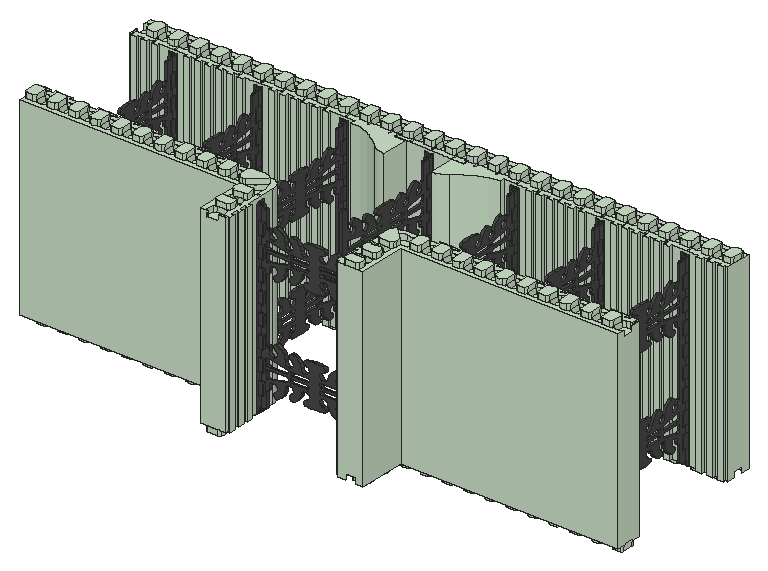
Revit family "ICF- NUDURA 10-inch- Short T Form Unit- Imperial", category Generic Models, Revit 2010 (continued)
Definition of nested family "Interlock Tooth"
  Reference planes (in)
    plane 4: z = 18
    plane 5: z = 18.5
    plane 6: z = -0.5
  Forms (in)
    Extrusion 1, solid, material "NUDURA Expanded Polystyrene Foam Insulation"
      sketch origin (0, -8.875, 0) x (1, 0, 0) y (0, 1, 0)
        loop
          arc (0, 3.97692) -> (0.04785, 3.82983) -> (0.17308, 3.73905) r 0.25
          arc (0.17308, 3.73905) -> (0.5, 3.6875) -> (0.82692, 3.73905) r 1.0625
          arc (0.82692, 3.73905) -> (0.95215, 3.82983) -> (1, 3.97692) r 0.25
          line (1, 3.97692) -> (1, 4.89808)
          arc (1, 4.89808) -> (0.95215, 5.04517) -> (0.82692, 5.13595) r 0.25
          arc (0.82692, 5.13595) -> (0.5, 5.1875) -> (0.17308, 5.13595) r 1.0625
          arc (0.17308, 5.13595) -> (0.04785, 5.04517) -> (0, 4.89808) r 0.25
          line (0, 4.89808) -> (0, 3.97692)
      from 18 to 18.5
  Dimensions and locks (in)
    locked: plane 4 to level at 18
    locked: plane 4 to plane 5 at 0.5
    locked: plane 6 to level at 0.5
Definition of nested family "10-inch Insert Web"
  Reference planes (in)
    plane 1 "Center (Front/Back)": y = 0
    plane 2: z = 0
    plane 3 "Center (Left/Right)": x = 0
  Forms (in)
    Extrusion 1, solid, material "High Density Polystyrene"
      sketch origin (0, 0, 0) x (0, 1, 0) y (0, 0, 1)
        loop
          line (5.25, 0) -> (5.25, 17.74583)
          arc (5.25, 17.74583) -> (5.22112, 17.72608) -> (5.21, 17.69292) r 0.055
          line (5.21, 17.69292) -> (5.21, 0.05292)
          arc (5.21, 0.05292) -> (5.22112, 0.01975) -> (5.25, 0) r 0.055
        loop
          arc (-5.25, 0) -> (-5.22112, 0.01975) -> (-5.21, 0.05292) r 0.055
          line (-5.21, 0.05292) -> (-5.21, 17.69292)
          arc (-5.21, 17.69292) -> (-5.22112, 17.72608) -> (-5.25, 17.74583) r 0.055
          line (-5.25, 17.74583) -> (-5.25, 0)
      from 0.36328 to -0.36328
    Extrusion 2, solid, material "High Density Polystyrene"
      sketch origin (0, 0, 0) x (0, 1, 0) y (0, 0, 1)
        loop
          line (-5.12543, 17.57204) -> (-5.19457, 17.61045)
          arc (-5.19457, 17.61045) -> (-5.20585, 17.62147) -> (-5.21, 17.63668) r 0.03
          line (-5.21, 17.63668) -> (-5.21, 17.38789)
          arc (-5.21, 17.38789) -> (-5.20374, 17.40241) -> (-5.18889, 17.40785) r 0.02
          line (-5.18889, 17.40785) -> (-5.13111, 17.40464)
          arc (-5.13111, 17.40464) -> (-5.11625, 17.41008) -> (-5.11, 17.42461) r 0.02
          line (-5.11, 17.42461) -> (-5.11, 17.54582)
          arc (-5.11, 17.54582) -> (-5.11414, 17.56103) -> (-5.12543, 17.57204) r 0.03
        loop
          line (-4.5, 17.20772) -> (-4.6, 17.20772) -> (-4.6, 17.2388)
          arc (-4.6, 17.2388) -> (-4.61433, 17.27339) -> (-4.64893, 17.28772) r 0.04893
          line (-4.64893, 17.28772) -> (-4.77609, 17.28772) -> (-4.825, 17.43772)
          arc (-4.825, 17.43772) -> (-4.875, 17.46772) -> (-4.925, 17.43772) r 0.05667
          line (-4.925, 17.43772) -> (-5, 17.20772) -> (-5, 0.53811) -> (-4.925, 0.30811)
          arc (-4.925, 0.30811) -> (-4.875, 0.27811) -> (-4.825, 0.30811) r 0.05667
          line (-4.825, 0.30811) -> (-4.77609, 0.45811) -> (-4.64893, 0.45811)
          arc (-4.64893, 0.45811) -> (-4.61433, 0.47244) -> (-4.6, 0.50703) r 0.04893
          line (-4.6, 0.50703) -> (-4.6, 0.53811) -> (-4.5, 0.53811) -> (-4.5, 1.99805)
          arc (-4.5, 1.99805) -> (-4.46384, 2.08535) -> (-4.37654, 2.12151) r 0.12346
          arc (-4.37654, 2.12151) -> (-4.22754, 2.23265) -> (-4.21225, 2.41791) r 0.22602
          arc (-4.21225, 2.41791) -> (-3.72909, 2.89529) -> (-3.67178, 2.21849) r 0.375
          arc (-3.67178, 2.21849) -> (-3.82054, 1.85615) -> (-3.45819, 1.70739) r 0.27697
          arc (-3.45819, 1.70739) -> (-2.94561, 2.10506) -> (-2.74922, 2.72338) r 1.09159
          line (-2.74922, 2.72338) -> (-2.74973, 2.88837)
          arc (-2.74973, 2.88837) -> (-2.17617, 3.17809) -> (-2.18865, 2.53563) r 0.375
          arc (-2.18865, 2.53563) -> (-2.3374, 2.17328) -> (-1.97506, 2.02453) r 0.27697
          arc (-1.97506, 2.02453) -> (-1.47568, 2.34989) -> (-1.23882, 2.89683) r 1.0341
          arc (-1.23882, 2.89683) -> (-0.66526, 3.18654) -> (-0.67773, 2.54409) r 0.375
          arc (-0.67773, 2.54409) -> (-0.76612, 2.51631) -> (-0.85703, 2.49851) r 0.83414
          arc (-0.85703, 2.49851) -> (-1.02215, 2.26789) -> (-0.82272, 2.06619) r 0.22
          arc (-0.82272, 2.06619) -> (-0.41308, 2.01232) -> (0, 2.0035) r 3.77741
          arc (0, 2.0035) -> (0.41308, 2.01232) -> (0.82272, 2.06619) r 3.77741
          arc (0.82272, 2.06619) -> (1.02215, 2.26789) -> (0.85703, 2.49851) r 0.22
          arc (0.85703, 2.49851) -> (0.76612, 2.51631) -> (0.67773, 2.54409) r 0.83414
          arc (0.67773, 2.54409) -> (0.66526, 3.18654) -> (1.23882, 2.89683) r 0.375
          arc (1.23882, 2.89683) -> (1.47568, 2.34989) -> (1.97506, 2.02453) r 1.0341
          arc (1.97506, 2.02453) -> (2.3374, 2.17328) -> (2.18865, 2.53563) r 0.27697
          arc (2.18865, 2.53563) -> (2.17617, 3.17809) -> (2.74973, 2.88837) r 0.375
          line (2.74973, 2.88837) -> (2.74922, 2.72338)
          arc (2.74922, 2.72338) -> (2.94561, 2.10506) -> (3.45819, 1.70739) r 1.09159
          arc (3.45819, 1.70739) -> (3.82054, 1.85615) -> (3.67178, 2.21849) r 0.27697
          arc (3.67178, 2.21849) -> (3.72909, 2.89529) -> (4.21225, 2.41791) r 0.375
          arc (4.21225, 2.41791) -> (4.22754, 2.23265) -> (4.37654, 2.12151) r 0.22602
          arc (4.37654, 2.12151) -> (4.46384, 2.08535) -> (4.5, 1.99805) r 0.12346
          line (4.5, 1.99805) -> (4.5, 0.53811) -> (4.6, 0.53811) -> (4.6, 0.50703)
          arc (4.6, 0.50703) -> (4.61433, 0.47244) -> (4.64893, 0.45811) r 0.04893
          line (4.64893, 0.45811) -> (4.77609, 0.45811) -> (4.825, 0.30811)
          arc (4.825, 0.30811) -> (4.875, 0.27811) -> (4.925, 0.30811) r 0.05667
          line (4.925, 0.30811) -> (5, 0.53811) -> (5, 17.20772) -> (4.925, 17.43772)
          arc (4.925, 17.43772) -> (4.875, 17.46772) -> (4.825, 17.43772) r 0.05667
          line (4.825, 17.43772) -> (4.77609, 17.28772) -> (4.64893, 17.28772)
          arc (4.64893, 17.28772) -> (4.61433, 17.27339) -> (4.6, 17.2388) r 0.04893
          line (4.6, 17.2388) -> (4.6, 17.20772) -> (4.5, 17.20772) -> (4.5, 15.74778)
          arc (4.5, 15.74778) -> (4.46384, 15.66048) -> (4.37654, 15.62433) r 0.12346
          arc (4.37654, 15.62433) -> (4.22754, 15.51319) -> (4.21225, 15.32793) r 0.22602
          arc (4.21225, 15.32793) -> (3.72909, 14.85054) -> (3.67178, 15.52734) r 0.375
          arc (3.67178, 15.52734) -> (3.82054, 15.88969) -> (3.45819, 16.03844) r 0.27697
          arc (3.45819, 16.03844) -> (2.94561, 15.64077) -> (2.74922, 15.02245) r 1.09159
          line (2.74922, 15.02245) -> (2.74973, 14.85746)
          arc (2.74973, 14.85746) -> (2.17617, 14.56774) -> (2.18865, 15.2102) r 0.375
          arc (2.18865, 15.2102) -> (2.3374, 15.57255) -> (1.97506, 15.7213) r 0.27697
          arc (1.97506, 15.7213) -> (1.47568, 15.39594) -> (1.23882, 14.84901) r 1.0341
          arc (1.23882, 14.84901) -> (0.66526, 14.55929) -> (0.67773, 15.20175) r 0.375
          arc (0.67773, 15.20175) -> (0.76612, 15.22952) -> (0.85703, 15.24732) r 0.83414
          arc (0.85703, 15.24732) -> (1.02215, 15.47795) -> (0.82272, 15.67964) r 0.22
          arc (0.82272, 15.67964) -> (0.41308, 15.73351) -> (0, 15.74233) r 3.77741
          arc (0, 15.74233) -> (-0.41308, 15.73351) -> (-0.82272, 15.67964) r 3.77741
          arc (-0.82272, 15.67964) -> (-1.02215, 15.47795) -> (-0.85703, 15.24732) r 0.22
          arc (-0.85703, 15.24732) -> (-0.76612, 15.22952) -> (-0.67773, 15.20175) r 0.83414
          arc (-0.67773, 15.20175) -> (-0.66526, 14.55929) -> (-1.23882, 14.84901) r 0.375
          arc (-1.23882, 14.84901) -> (-1.47568, 15.39594) -> (-1.97506, 15.7213) r 1.0341
          arc (-1.97506, 15.7213) -> (-2.3374, 15.57255) -> (-2.18865, 15.2102) r 0.27697
          arc (-2.18865, 15.2102) -> (-2.17617, 14.56774) -> (-2.74973, 14.85746) r 0.375
          line (-2.74973, 14.85746) -> (-2.74922, 15.02245)
          arc (-2.74922, 15.02245) -> (-2.94561, 15.64077) -> (-3.45819, 16.03844) r 1.09159
          arc (-3.45819, 16.03844) -> (-3.82054, 15.88969) -> (-3.67178, 15.52734) r 0.27697
          arc (-3.67178, 15.52734) -> (-3.72909, 14.85054) -> (-4.21225, 15.32793) r 0.375
          arc (-4.21225, 15.32793) -> (-4.22754, 15.51319) -> (-4.37654, 15.62433) r 0.22602
          arc (-4.37654, 15.62433) -> (-4.46384, 15.66048) -> (-4.5, 15.74778) r 0.12346
          line (-4.5, 15.74778) -> (-4.5, 17.20772)
        loop
          line (-4.5, 11.8098) -> (-4.5, 5.93603)
          arc (-4.5, 5.93603) -> (-4.46384, 5.84874) -> (-4.37654, 5.81258) r 0.12346
          arc (-4.37654, 5.81258) -> (-4.22754, 5.70144) -> (-4.21225, 5.51618) r 0.22602
          arc (-4.21225, 5.51618) -> (-3.72909, 5.0388) -> (-3.67178, 5.71559) r 0.375
          arc (-3.67178, 5.71559) -> (-3.82054, 6.07794) -> (-3.45819, 6.2267) r 0.27697
          arc (-3.45819, 6.2267) -> (-2.94561, 5.82902) -> (-2.74922, 5.2107) r 1.09159
          line (-2.74922, 5.2107) -> (-2.74973, 5.04572)
          arc (-2.74973, 5.04572) -> (-2.17617, 4.756) -> (-2.18865, 5.39846) r 0.375
          arc (-2.18865, 5.39846) -> (-2.3374, 5.7608) -> (-1.97506, 5.90956) r 0.27697
          arc (-1.97506, 5.90956) -> (-1.47568, 5.58419) -> (-1.23882, 5.03726) r 1.0341
          arc (-1.23882, 5.03726) -> (-0.66526, 4.74754) -> (-0.67773, 5.39) r 0.375
          arc (-0.67773, 5.39) -> (-0.76612, 5.41777) -> (-0.85703, 5.43557) r 0.83414
          arc (-0.85703, 5.43557) -> (-1.02215, 5.6662) -> (-0.82272, 5.86789) r 0.22
          arc (-0.82272, 5.86789) -> (-0.41308, 5.92177) -> (0, 5.93058) r 3.77741
          arc (0, 5.93058) -> (0.41308, 5.92177) -> (0.82272, 5.86789) r 3.77741
          arc (0.82272, 5.86789) -> (1.02215, 5.6662) -> (0.85703, 5.43557) r 0.22
          arc (0.85703, 5.43557) -> (0.76612, 5.41777) -> (0.67773, 5.39) r 0.83414
          arc (0.67773, 5.39) -> (0.66526, 4.74754) -> (1.23882, 5.03726) r 0.375
          arc (1.23882, 5.03726) -> (1.47568, 5.58419) -> (1.97506, 5.90956) r 1.0341
          arc (1.97506, 5.90956) -> (2.3374, 5.7608) -> (2.18865, 5.39846) r 0.27697
          arc (2.18865, 5.39846) -> (2.17617, 4.756) -> (2.74973, 5.04572) r 0.375
          line (2.74973, 5.04572) -> (2.74922, 5.2107)
          arc (2.74922, 5.2107) -> (2.94561, 5.82902) -> (3.45819, 6.2267) r 1.09159
          arc (3.45819, 6.2267) -> (3.82054, 6.07794) -> (3.67178, 5.71559) r 0.27697
          arc (3.67178, 5.71559) -> (3.72909, 5.0388) -> (4.21225, 5.51618) r 0.375
          arc (4.21225, 5.51618) -> (4.22754, 5.70144) -> (4.37654, 5.81258) r 0.22602
          arc (4.37654, 5.81258) -> (4.46384, 5.84874) -> (4.5, 5.93603) r 0.12346
          line (4.5, 5.93603) -> (4.5, 11.8098)
          arc (4.5, 11.8098) -> (4.46384, 11.89709) -> (4.37654, 11.93325) r 0.12346
          arc (4.37654, 11.93325) -> (4.22754, 12.04439) -> (4.21225, 12.22965) r 0.22602
          arc (4.21225, 12.22965) -> (3.72909, 12.70704) -> (3.67178, 12.03024) r 0.375
          arc (3.67178, 12.03024) -> (3.82054, 11.66789) -> (3.45819, 11.51914) r 0.27697
          arc (3.45819, 11.51914) -> (2.94561, 11.91681) -> (2.74922, 12.53513) r 1.09159
          line (2.74922, 12.53513) -> (2.74973, 12.70012)
          arc (2.74973, 12.70012) -> (2.17617, 12.98983) -> (2.18865, 12.34738) r 0.375
          arc (2.18865, 12.34738) -> (2.3374, 11.98503) -> (1.97506, 11.83627) r 0.27697
          arc (1.97506, 11.83627) -> (1.47568, 12.16164) -> (1.23882, 12.70857) r 1.0341
          arc (1.23882, 12.70857) -> (0.66526, 12.99829) -> (0.67773, 12.35583) r 0.375
          arc (0.67773, 12.35583) -> (0.76612, 12.32806) -> (0.85703, 12.31026) r 0.83414
          arc (0.85703, 12.31026) -> (1.02215, 12.07963) -> (0.82272, 11.87794) r 0.22
          arc (0.82272, 11.87794) -> (0.41308, 11.82406) -> (0, 11.81525) r 3.77741
          arc (0, 11.81525) -> (-0.41308, 11.82406) -> (-0.82272, 11.87794) r 3.77741
          arc (-0.82272, 11.87794) -> (-1.02215, 12.07963) -> (-0.85703, 12.31026) r 0.22
          arc (-0.85703, 12.31026) -> (-0.76612, 12.32806) -> (-0.67773, 12.35583) r 0.83414
          arc (-0.67773, 12.35583) -> (-0.66526, 12.99829) -> (-1.23882, 12.70857) r 0.375
          arc (-1.23882, 12.70857) -> (-1.47568, 12.16164) -> (-1.97506, 11.83627) r 1.0341
          arc (-1.97506, 11.83627) -> (-2.3374, 11.98503) -> (-2.18865, 12.34738) r 0.27697
          arc (-2.18865, 12.34738) -> (-2.17617, 12.98983) -> (-2.74973, 12.70012) r 0.375
          line (-2.74973, 12.70012) -> (-2.74922, 12.53513)
          arc (-2.74922, 12.53513) -> (-2.94561, 11.91681) -> (-3.45819, 11.51914) r 1.09159
          arc (-3.45819, 11.51914) -> (-3.82054, 11.66789) -> (-3.67178, 12.03024) r 0.27697
          arc (-3.67178, 12.03024) -> (-3.72909, 12.70704) -> (-4.21225, 12.22965) r 0.375
          arc (-4.21225, 12.22965) -> (-4.22754, 12.04439) -> (-4.37654, 11.93325) r 0.22602
          arc (-4.37654, 11.93325) -> (-4.46384, 11.89709) -> (-4.5, 11.8098) r 0.12346
        loop
          arc (-4.33112, 14.73097) -> (-4.45054, 14.68151) -> (-4.5, 14.56209) r 0.16888
          line (-4.5, 14.56209) -> (-4.5, 14.04372)
          arc (-4.5, 14.04372) -> (-4.44996, 13.92293) -> (-4.32917, 13.87289) r 0.17083
          line (-4.32917, 13.87289) -> (-2.57764, 13.87289)
          arc (-2.57764, 13.87289) -> (-2.48926, 13.9095) -> (-2.45264, 13.99789) r 0.125
          line (-2.45264, 13.99789) -> (-2.45264, 14.21018)
          arc (-2.45264, 14.21018) -> (-2.48008, 14.28832) -> (-2.55033, 14.33216) r 0.125
          line (-2.55033, 14.33216) -> (-4.33112, 14.73097)
        loop
          line (-2.26514, 14.18276) -> (-2.26514, 13.99876)
          arc (-2.26514, 13.99876) -> (-2.22853, 13.91037) -> (-2.14014, 13.87376) r 0.125
          line (-2.14014, 13.87376) -> (-0.70065, 13.87376)
          arc (-0.70065, 13.87376) -> (-0.48365, 14.09076) -> (-0.70065, 14.30776) r 0.217
          line (-0.70065, 14.30776) -> (-2.14014, 14.30776)
          arc (-2.14014, 14.30776) -> (-2.22853, 14.27115) -> (-2.26514, 14.18276) r 0.125
        loop
          line (-4.33112, 12.82661) -> (-2.55033, 13.22542)
          arc (-2.55033, 13.22542) -> (-2.48008, 13.26926) -> (-2.45264, 13.3474) r 0.125
          line (-2.45264, 13.3474) -> (-2.45264, 13.55969)
          arc (-2.45264, 13.55969) -> (-2.48926, 13.64807) -> (-2.57764, 13.68469) r 0.125
          line (-2.57764, 13.68469) -> (-4.32917, 13.68469)
          arc (-4.32917, 13.68469) -> (-4.44996, 13.63465) -> (-4.5, 13.51386) r 0.17083
          line (-4.5, 13.51386) -> (-4.5, 12.99549)
          arc (-4.5, 12.99549) -> (-4.45054, 12.87607) -> (-4.33112, 12.82661) r 0.16888
        loop
          arc (-2.26514, 13.37482) -> (-2.22853, 13.28643) -> (-2.14014, 13.24982) r 0.125
          line (-2.14014, 13.24982) -> (-0.70065, 13.24982)
          arc (-0.70065, 13.24982) -> (-0.48365, 13.46682) -> (-0.70065, 13.68382) r 0.217
          line (-0.70065, 13.68382) -> (-2.14014, 13.68382)
          arc (-2.14014, 13.68382) -> (-2.22853, 13.64721) -> (-2.26514, 13.55882) r 0.125
          line (-2.26514, 13.55882) -> (-2.26514, 13.37482)
        loop
          arc (5.12543, 17.57204) -> (5.11414, 17.56103) -> (5.11, 17.54582) r 0.03
          line (5.11, 17.54582) -> (5.11, 17.42461)
          arc (5.11, 17.42461) -> (5.11625, 17.41008) -> (5.13111, 17.40464) r 0.02
          line (5.13111, 17.40464) -> (5.18889, 17.40785)
          arc (5.18889, 17.40785) -> (5.20374, 17.40241) -> (5.21, 17.38789) r 0.02
          line (5.21, 17.38789) -> (5.21, 17.63668)
          arc (5.21, 17.63668) -> (5.20585, 17.62147) -> (5.19457, 17.61045) r 0.03
          line (5.19457, 17.61045) -> (5.12543, 17.57204)
        loop
          line (4.33112, 14.73097) -> (2.55033, 14.33216)
          arc (2.55033, 14.33216) -> (2.48008, 14.28832) -> (2.45264, 14.21018) r 0.125
          line (2.45264, 14.21018) -> (2.45264, 13.99789)
          arc (2.45264, 13.99789) -> (2.48926, 13.9095) -> (2.57764, 13.87289) r 0.125
          line (2.57764, 13.87289) -> (4.32917, 13.87289)
          arc (4.32917, 13.87289) -> (4.44996, 13.92293) -> (4.5, 14.04372) r 0.17083
          line (4.5, 14.04372) -> (4.5, 14.56209)
          arc (4.5, 14.56209) -> (4.45054, 14.68151) -> (4.33112, 14.73097) r 0.16888
        loop
          arc (2.26514, 14.18276) -> (2.22853, 14.27115) -> (2.14014, 14.30776) r 0.125
          line (2.14014, 14.30776) -> (0.70065, 14.30776)
          arc (0.70065, 14.30776) -> (0.48365, 14.09076) -> (0.70065, 13.87376) r 0.217
          line (0.70065, 13.87376) -> (2.14014, 13.87376)
          arc (2.14014, 13.87376) -> (2.22853, 13.91037) -> (2.26514, 13.99876) r 0.125
          line (2.26514, 13.99876) -> (2.26514, 14.18276)
        loop
          arc (4.33112, 12.82661) -> (4.45054, 12.87607) -> (4.5, 12.99549) r 0.16888
          line (4.5, 12.99549) -> (4.5, 13.51386)
          arc (4.5, 13.51386) -> (4.44996, 13.63465) -> (4.32917, 13.68469) r 0.17083
          line (4.32917, 13.68469) -> (2.57764, 13.68469)
          arc (2.57764, 13.68469) -> (2.48926, 13.64807) -> (2.45264, 13.55969) r 0.125
          line (2.45264, 13.55969) -> (2.45264, 13.3474)
          arc (2.45264, 13.3474) -> (2.48008, 13.26926) -> (2.55033, 13.22542) r 0.125
          line (2.55033, 13.22542) -> (4.33112, 12.82661)
        loop
          line (2.26514, 13.37482) -> (2.26514, 13.55882)
          arc (2.26514, 13.55882) -> (2.22853, 13.64721) -> (2.14014, 13.68382) r 0.125
          line (2.14014, 13.68382) -> (0.70065, 13.68382)
          arc (0.70065, 13.68382) -> (0.48365, 13.46682) -> (0.70065, 13.24982) r 0.217
          line (0.70065, 13.24982) -> (2.14014, 13.24982)
          arc (2.14014, 13.24982) -> (2.22853, 13.28643) -> (2.26514, 13.37482) r 0.125
        loop
          arc (-5.12543, 0.17379) -> (-5.11414, 0.1848) -> (-5.11, 0.20001) r 0.03
          line (-5.11, 0.20001) -> (-5.11, 0.32122)
          arc (-5.11, 0.32122) -> (-5.11625, 0.33575) -> (-5.13111, 0.34119) r 0.02
          line (-5.13111, 0.34119) -> (-5.18889, 0.33798)
          arc (-5.18889, 0.33798) -> (-5.20374, 0.34342) -> (-5.21, 0.35795) r 0.02
          line (-5.21, 0.35795) -> (-5.21, 0.10915)
          arc (-5.21, 0.10915) -> (-5.20585, 0.12437) -> (-5.19457, 0.13538) r 0.03
          line (-5.19457, 0.13538) -> (-5.12543, 0.17379)
        loop
          line (-4.33112, 3.01486) -> (-2.55033, 3.41367)
          arc (-2.55033, 3.41367) -> (-2.48008, 3.45752) -> (-2.45264, 3.53565) r 0.125
          line (-2.45264, 3.53565) -> (-2.45264, 3.74794)
          arc (-2.45264, 3.74794) -> (-2.48926, 3.83633) -> (-2.57764, 3.87294) r 0.125
          line (-2.57764, 3.87294) -> (-4.32917, 3.87294)
          arc (-4.32917, 3.87294) -> (-4.44996, 3.8229) -> (-4.5, 3.70211) r 0.17083
          line (-4.5, 3.70211) -> (-4.5, 3.18374)
          arc (-4.5, 3.18374) -> (-4.45054, 3.06432) -> (-4.33112, 3.01486) r 0.16888
        loop
          arc (-2.26514, 3.56307) -> (-2.22853, 3.47469) -> (-2.14014, 3.43807) r 0.125
          line (-2.14014, 3.43807) -> (-0.70065, 3.43807)
          arc (-0.70065, 3.43807) -> (-0.48365, 3.65507) -> (-0.70065, 3.87207) r 0.217
          line (-0.70065, 3.87207) -> (-2.14014, 3.87207)
          arc (-2.14014, 3.87207) -> (-2.22853, 3.83546) -> (-2.26514, 3.74707) r 0.125
          line (-2.26514, 3.74707) -> (-2.26514, 3.56307)
        loop
          arc (-4.33112, 4.91923) -> (-4.45054, 4.86976) -> (-4.5, 4.75034) r 0.16888
          line (-4.5, 4.75034) -> (-4.5, 4.23198)
          arc (-4.5, 4.23198) -> (-4.44996, 4.11118) -> (-4.32917, 4.06115) r 0.17083
          line (-4.32917, 4.06115) -> (-2.57764, 4.06115)
          arc (-2.57764, 4.06115) -> (-2.48926, 4.09776) -> (-2.45264, 4.18615) r 0.125
          line (-2.45264, 4.18615) -> (-2.45264, 4.39843)
          arc (-2.45264, 4.39843) -> (-2.48008, 4.47657) -> (-2.55033, 4.52041) r 0.125
          line (-2.55033, 4.52041) -> (-4.33112, 4.91923)
        loop
          line (-2.26514, 4.37101) -> (-2.26514, 4.18701)
          arc (-2.26514, 4.18701) -> (-2.22853, 4.09863) -> (-2.14014, 4.06201) r 0.125
          line (-2.14014, 4.06201) -> (-0.70065, 4.06201)
          arc (-0.70065, 4.06201) -> (-0.48365, 4.27901) -> (-0.70065, 4.49601) r 0.217
          line (-0.70065, 4.49601) -> (-2.14014, 4.49601)
          arc (-2.14014, 4.49601) -> (-2.22853, 4.4594) -> (-2.26514, 4.37101) r 0.125
        loop
          line (5.12543, 0.17379) -> (5.19457, 0.13538)
          arc (5.19457, 0.13538) -> (5.20585, 0.12437) -> (5.21, 0.10915) r 0.03
          line (5.21, 0.10915) -> (5.21, 0.35795)
          arc (5.21, 0.35795) -> (5.20374, 0.34342) -> (5.18889, 0.33798) r 0.02
          line (5.18889, 0.33798) -> (5.13111, 0.34119)
          arc (5.13111, 0.34119) -> (5.11625, 0.33575) -> (5.11, 0.32122) r 0.02
          line (5.11, 0.32122) -> (5.11, 0.20001)
          arc (5.11, 0.20001) -> (5.11414, 0.1848) -> (5.12543, 0.17379) r 0.03
        loop
          arc (4.33112, 3.01486) -> (4.45054, 3.06432) -> (4.5, 3.18374) r 0.16888
          line (4.5, 3.18374) -> (4.5, 3.70211)
          arc (4.5, 3.70211) -> (4.44996, 3.8229) -> (4.32917, 3.87294) r 0.17083
          line (4.32917, 3.87294) -> (2.57764, 3.87294)
          arc (2.57764, 3.87294) -> (2.48926, 3.83633) -> (2.45264, 3.74794) r 0.125
          line (2.45264, 3.74794) -> (2.45264, 3.53565)
          arc (2.45264, 3.53565) -> (2.48008, 3.45752) -> (2.55033, 3.41367) r 0.125
          line (2.55033, 3.41367) -> (4.33112, 3.01486)
        loop
          line (2.26514, 3.56307) -> (2.26514, 3.74707)
          arc (2.26514, 3.74707) -> (2.22853, 3.83546) -> (2.14014, 3.87207) r 0.125
          line (2.14014, 3.87207) -> (0.70065, 3.87207)
          arc (0.70065, 3.87207) -> (0.48365, 3.65507) -> (0.70065, 3.43807) r 0.217
          line (0.70065, 3.43807) -> (2.14014, 3.43807)
          arc (2.14014, 3.43807) -> (2.22853, 3.47469) -> (2.26514, 3.56307) r 0.125
        loop
          line (4.33112, 4.91923) -> (2.55033, 4.52041)
          arc (2.55033, 4.52041) -> (2.48008, 4.47657) -> (2.45264, 4.39843) r 0.125
          line (2.45264, 4.39843) -> (2.45264, 4.18615)
          arc (2.45264, 4.18615) -> (2.48926, 4.09776) -> (2.57764, 4.06115) r 0.125
          line (2.57764, 4.06115) -> (4.32917, 4.06115)
          arc (4.32917, 4.06115) -> (4.44996, 4.11118) -> (4.5, 4.23198) r 0.17083
          line (4.5, 4.23198) -> (4.5, 4.75034)
          arc (4.5, 4.75034) -> (4.45054, 4.86976) -> (4.33112, 4.91923) r 0.16888
        loop
          arc (2.26514, 4.37101) -> (2.22853, 4.4594) -> (2.14014, 4.49601) r 0.125
          line (2.14014, 4.49601) -> (0.70065, 4.49601)
          arc (0.70065, 4.49601) -> (0.48365, 4.27901) -> (0.70065, 4.06201) r 0.217
          line (0.70065, 4.06201) -> (2.14014, 4.06201)
          arc (2.14014, 4.06201) -> (2.22853, 4.09863) -> (2.26514, 4.18701) r 0.125
          line (2.26514, 4.18701) -> (2.26514, 4.37101)
      from 0.125 to -0.125
    Extrusion 3, solid, material "High Density Polystyrene"
      sketch origin (0, 0, 0) x (0, 1, 0) y (0, 0, 1)
        loop
          line (5.21, 16.17792) -> (4.71, 16.17792) -> (4.71, 14.97792) -> (5.21, 14.97792) -> (5.21, 16.17792)
        loop
          line (5.21, 14.22792) -> (4.71, 14.22792) -> (4.71, 13.02792) -> (5.21, 13.02792) -> (5.21, 14.22792)
        loop
          line (5.21, 12.27792) -> (4.71, 12.27792) -> (4.71, 11.07792) -> (5.21, 11.07792) -> (5.21, 12.27792)
        loop
          line (5.21, 10.32792) -> (4.71, 10.32792) -> (4.71, 9.24792) -> (5.21, 9.24792) -> (5.21, 10.32792)
        loop
          line (5.21, 8.49792) -> (4.71, 8.49792) -> (4.71, 7.41792) -> (5.21, 7.41792) -> (5.21, 8.49792)
        loop
          line (5.21, 6.66792) -> (4.71, 6.66792) -> (4.71, 5.46792) -> (5.21, 5.46792) -> (5.21, 6.66792)
        loop
          line (5.21, 4.71792) -> (4.71, 4.71792) -> (4.71, 3.51792) -> (5.21, 3.51792) -> (5.21, 4.71792)
        loop
          line (5.21, 2.76792) -> (4.71, 2.76792) -> (4.71, 1.56792) -> (5.21, 1.56792) -> (5.21, 2.76792)
        loop
          line (-5.21, 16.17792) -> (-5.21, 14.97792) -> (-4.71, 14.97792) -> (-4.71, 16.17792) -> (-5.21, 16.17792)
        loop
          line (-5.21, 14.22792) -> (-5.21, 13.02792) -> (-4.71, 13.02792) -> (-4.71, 14.22792) -> (-5.21, 14.22792)
        loop
          line (-5.21, 12.27792) -> (-5.21, 11.07792) -> (-4.71, 11.07792) -> (-4.71, 12.27792) -> (-5.21, 12.27792)
        loop
          line (-5.21, 10.32792) -> (-5.21, 9.24792) -> (-4.71, 9.24792) -> (-4.71, 10.32792) -> (-5.21, 10.32792)
        loop
          line (-5.21, 8.49792) -> (-5.21, 7.41792) -> (-4.71, 7.41792) -> (-4.71, 8.49792) -> (-5.21, 8.49792)
        loop
          line (-5.21, 6.66792) -> (-5.21, 5.46792) -> (-4.71, 5.46792) -> (-4.71, 6.66792) -> (-5.21, 6.66792)
        loop
          line (-5.21, 4.71792) -> (-5.21, 3.51792) -> (-4.71, 3.51792) -> (-4.71, 4.71792) -> (-5.21, 4.71792)
        loop
          line (-5.21, 2.76792) -> (-5.21, 1.56792) -> (-4.71, 1.56792) -> (-4.71, 2.76792) -> (-5.21, 2.76792)
      from 0.25 to -0.25
    Extrusion 4, void
      sketch origin (0, 2, 0) x (1, 0, 0) y (0, 1, 0)
        loop
          line (-0.25, 2.79249) -> (-0.25, 2.71) -> (-0.1675, 2.71)
          arc (-0.1675, 2.71) -> (-0.22584, 2.73416) -> (-0.25, 2.79249) r 0.0825
      from 0 to 18
    Extrusion 5, void
      sketch origin (0, 2, 0) x (-1, 0, 0) y (0, -1, 0)
        loop
          arc (-0.25, -2.79249) -> (-0.22584, -2.73416) -> (-0.1675, -2.71) r 0.0825
          line (-0.1675, -2.71) -> (-0.25, -2.71) -> (-0.25, -2.79249)
      from 0 to 18
    Extrusion 6, void
      sketch origin (0, -2, 0) x (1, 0, 0) y (0, 1, 0)
        loop
          arc (-0.25, -2.79249) -> (-0.22584, -2.73416) -> (-0.1675, -2.71) r 0.0825
          line (-0.1675, -2.71) -> (-0.25, -2.71) -> (-0.25, -2.79249)
      from 0 to 18
    Extrusion 7, void
      sketch origin (0, -2, 0) x (-1, 0, 0) y (0, -1, 0)
        loop
          line (-0.25, 2.79249) -> (-0.25, 2.71) -> (-0.1675, 2.71)
          arc (-0.1675, 2.71) -> (-0.22584, 2.73416) -> (-0.25, 2.79249) r 0.0825
      from 0 to 18
  Cuts and joins
    Extrusion 4, Extrusion 5, Extrusion 6, Extrusion 7 cuts Extrusion 1
    Extrusion 4, Extrusion 5, Extrusion 6, Extrusion 7 cuts Extrusion 3
Definition of nested family "10-inch Insert Web w One Fastening Strip"
  Reference planes (in)
    plane 1 "Center (Front/Back)": y = 0
    plane 2: z = 0
    plane 3 "Center (Left/Right)": x = 0
  Forms (in)
    Extrusion 1, solid, material "High Density Polystyrene"
      sketch origin (0, 0, 0) x (0, 1, 0) y (0, 0, 1)
        loop
          arc (-5.25, 0) -> (-5.22112, 0.01975) -> (-5.21, 0.05292) r 0.055
          line (-5.21, 0.05292) -> (-5.21, 17.69292)
          arc (-5.21, 17.69292) -> (-5.22112, 17.72608) -> (-5.25, 17.74583) r 0.055
          line (-5.25, 17.74583) -> (-5.25, 0)
      from 0.36328 to -0.36328
    Extrusion 2, solid, material "High Density Polystyrene"
      sketch origin (0, 0, 0) x (0, 1, 0) y (0, 0, 1)
        loop
          line (-5.12543, 17.57204) -> (-5.19457, 17.61045)
          arc (-5.19457, 17.61045) -> (-5.20585, 17.62147) -> (-5.21, 17.63668) r 0.03
          line (-5.21, 17.63668) -> (-5.21, 17.38789)
          arc (-5.21, 17.38789) -> (-5.20374, 17.40241) -> (-5.18889, 17.40785) r 0.02
          line (-5.18889, 17.40785) -> (-5.13111, 17.40464)
          arc (-5.13111, 17.40464) -> (-5.11625, 17.41008) -> (-5.11, 17.42461) r 0.02
          line (-5.11, 17.42461) -> (-5.11, 17.54582)
          arc (-5.11, 17.54582) -> (-5.11414, 17.56103) -> (-5.12543, 17.57204) r 0.03
        loop
          line (-4.5, 17.20772) -> (-4.6, 17.20772) -> (-4.6, 17.2388)
          arc (-4.6, 17.2388) -> (-4.61433, 17.27339) -> (-4.64893, 17.28772) r 0.04893
          line (-4.64893, 17.28772) -> (-4.77609, 17.28772) -> (-4.825, 17.43772)
          arc (-4.825, 17.43772) -> (-4.875, 17.46772) -> (-4.925, 17.43772) r 0.05667
          line (-4.925, 17.43772) -> (-5, 17.20772) -> (-5, 0.53811) -> (-4.925, 0.30811)
          arc (-4.925, 0.30811) -> (-4.875, 0.27811) -> (-4.825, 0.30811) r 0.05667
          line (-4.825, 0.30811) -> (-4.77609, 0.45811) -> (-4.64893, 0.45811)
          arc (-4.64893, 0.45811) -> (-4.61433, 0.47244) -> (-4.6, 0.50703) r 0.04893
          line (-4.6, 0.50703) -> (-4.6, 0.53811) -> (-4.5, 0.53811) -> (-4.5, 1.99805)
          arc (-4.5, 1.99805) -> (-4.46384, 2.08535) -> (-4.37654, 2.12151) r 0.12346
          arc (-4.37654, 2.12151) -> (-4.22754, 2.23265) -> (-4.21225, 2.41791) r 0.22602
          arc (-4.21225, 2.41791) -> (-3.72909, 2.89529) -> (-3.67178, 2.21849) r 0.375
          arc (-3.67178, 2.21849) -> (-3.82054, 1.85615) -> (-3.45819, 1.70739) r 0.27697
          arc (-3.45819, 1.70739) -> (-2.94561, 2.10506) -> (-2.74922, 2.72338) r 1.09159
          line (-2.74922, 2.72338) -> (-2.74973, 2.88837)
          arc (-2.74973, 2.88837) -> (-2.17617, 3.17809) -> (-2.18865, 2.53563) r 0.375
          arc (-2.18865, 2.53563) -> (-2.3374, 2.17328) -> (-1.97506, 2.02453) r 0.27697
          arc (-1.97506, 2.02453) -> (-1.47568, 2.34989) -> (-1.23882, 2.89683) r 1.0341
          arc (-1.23882, 2.89683) -> (-0.66526, 3.18654) -> (-0.67773, 2.54409) r 0.375
          arc (-0.67773, 2.54409) -> (-0.76612, 2.51631) -> (-0.85703, 2.49851) r 0.83414
          arc (-0.85703, 2.49851) -> (-1.02215, 2.26789) -> (-0.82272, 2.06619) r 0.22
          arc (-0.82272, 2.06619) -> (-0.41308, 2.01232) -> (0, 2.0035) r 3.77741
          arc (0, 2.0035) -> (0.41308, 2.01232) -> (0.82272, 2.06619) r 3.77741
          arc (0.82272, 2.06619) -> (1.02215, 2.26789) -> (0.85703, 2.49851) r 0.22
          arc (0.85703, 2.49851) -> (0.76612, 2.51631) -> (0.67773, 2.54409) r 0.83414
          arc (0.67773, 2.54409) -> (0.66526, 3.18654) -> (1.23882, 2.89683) r 0.375
          arc (1.23882, 2.89683) -> (1.47568, 2.34989) -> (1.97506, 2.02453) r 1.0341
          arc (1.97506, 2.02453) -> (2.3374, 2.17328) -> (2.18865, 2.53563) r 0.27697
          arc (2.18865, 2.53563) -> (2.17617, 3.17809) -> (2.74973, 2.88837) r 0.375
          line (2.74973, 2.88837) -> (2.74922, 2.72338)
          arc (2.74922, 2.72338) -> (2.94561, 2.10506) -> (3.45819, 1.70739) r 1.09159
          arc (3.45819, 1.70739) -> (3.82054, 1.85615) -> (3.67178, 2.21849) r 0.27697
          arc (3.67178, 2.21849) -> (3.72909, 2.89529) -> (4.21225, 2.41791) r 0.375
          arc (4.21225, 2.41791) -> (4.22754, 2.23265) -> (4.37654, 2.12151) r 0.22602
          arc (4.37654, 2.12151) -> (4.46384, 2.08535) -> (4.5, 1.99805) r 0.12346
          line (4.5, 1.99805) -> (4.5, 0.53811) -> (4.6, 0.53811) -> (4.6, 0.50703)
          arc (4.6, 0.50703) -> (4.61433, 0.47244) -> (4.64893, 0.45811) r 0.04893
          line (4.64893, 0.45811) -> (4.77609, 0.45811) -> (4.825, 0.30811)
          arc (4.825, 0.30811) -> (4.875, 0.27811) -> (4.925, 0.30811) r 0.05667
          line (4.925, 0.30811) -> (5, 0.53811) -> (5, 17.20772) -> (4.925, 17.43772)
          arc (4.925, 17.43772) -> (4.875, 17.46772) -> (4.825, 17.43772) r 0.05667
          line (4.825, 17.43772) -> (4.77609, 17.28772) -> (4.64893, 17.28772)
          arc (4.64893, 17.28772) -> (4.61433, 17.27339) -> (4.6, 17.2388) r 0.04893
          line (4.6, 17.2388) -> (4.6, 17.20772) -> (4.5, 17.20772) -> (4.5, 15.74778)
          arc (4.5, 15.74778) -> (4.46384, 15.66048) -> (4.37654, 15.62433) r 0.12346
          arc (4.37654, 15.62433) -> (4.22754, 15.51319) -> (4.21225, 15.32793) r 0.22602
          arc (4.21225, 15.32793) -> (3.72909, 14.85054) -> (3.67178, 15.52734) r 0.375
          arc (3.67178, 15.52734) -> (3.82054, 15.88969) -> (3.45819, 16.03844) r 0.27697
          arc (3.45819, 16.03844) -> (2.94561, 15.64077) -> (2.74922, 15.02245) r 1.09159
          line (2.74922, 15.02245) -> (2.74973, 14.85746)
          arc (2.74973, 14.85746) -> (2.17617, 14.56774) -> (2.18865, 15.2102) r 0.375
          arc (2.18865, 15.2102) -> (2.3374, 15.57255) -> (1.97506, 15.7213) r 0.27697
          arc (1.97506, 15.7213) -> (1.47568, 15.39594) -> (1.23882, 14.84901) r 1.0341
          arc (1.23882, 14.84901) -> (0.66526, 14.55929) -> (0.67773, 15.20175) r 0.375
          arc (0.67773, 15.20175) -> (0.76612, 15.22952) -> (0.85703, 15.24732) r 0.83414
          arc (0.85703, 15.24732) -> (1.02215, 15.47795) -> (0.82272, 15.67964) r 0.22
          arc (0.82272, 15.67964) -> (0.41308, 15.73351) -> (0, 15.74233) r 3.77741
          arc (0, 15.74233) -> (-0.41308, 15.73351) -> (-0.82272, 15.67964) r 3.77741
          arc (-0.82272, 15.67964) -> (-1.02215, 15.47795) -> (-0.85703, 15.24732) r 0.22
          arc (-0.85703, 15.24732) -> (-0.76612, 15.22952) -> (-0.67773, 15.20175) r 0.83414
          arc (-0.67773, 15.20175) -> (-0.66526, 14.55929) -> (-1.23882, 14.84901) r 0.375
          arc (-1.23882, 14.84901) -> (-1.47568, 15.39594) -> (-1.97506, 15.7213) r 1.0341
          arc (-1.97506, 15.7213) -> (-2.3374, 15.57255) -> (-2.18865, 15.2102) r 0.27697
          arc (-2.18865, 15.2102) -> (-2.17617, 14.56774) -> (-2.74973, 14.85746) r 0.375
          line (-2.74973, 14.85746) -> (-2.74922, 15.02245)
          arc (-2.74922, 15.02245) -> (-2.94561, 15.64077) -> (-3.45819, 16.03844) r 1.09159
          arc (-3.45819, 16.03844) -> (-3.82054, 15.88969) -> (-3.67178, 15.52734) r 0.27697
          arc (-3.67178, 15.52734) -> (-3.72909, 14.85054) -> (-4.21225, 15.32793) r 0.375
          arc (-4.21225, 15.32793) -> (-4.22754, 15.51319) -> (-4.37654, 15.62433) r 0.22602
          arc (-4.37654, 15.62433) -> (-4.46384, 15.66048) -> (-4.5, 15.74778) r 0.12346
          line (-4.5, 15.74778) -> (-4.5, 17.20772)
        loop
          line (-4.5, 11.8098) -> (-4.5, 5.93603)
          arc (-4.5, 5.93603) -> (-4.46384, 5.84874) -> (-4.37654, 5.81258) r 0.12346
          arc (-4.37654, 5.81258) -> (-4.22754, 5.70144) -> (-4.21225, 5.51618) r 0.22602
          arc (-4.21225, 5.51618) -> (-3.72909, 5.0388) -> (-3.67178, 5.71559) r 0.375
          arc (-3.67178, 5.71559) -> (-3.82054, 6.07794) -> (-3.45819, 6.2267) r 0.27697
          arc (-3.45819, 6.2267) -> (-2.94561, 5.82902) -> (-2.74922, 5.2107) r 1.09159
          line (-2.74922, 5.2107) -> (-2.74973, 5.04572)
          arc (-2.74973, 5.04572) -> (-2.17617, 4.756) -> (-2.18865, 5.39846) r 0.375
          arc (-2.18865, 5.39846) -> (-2.3374, 5.7608) -> (-1.97506, 5.90956) r 0.27697
          arc (-1.97506, 5.90956) -> (-1.47568, 5.58419) -> (-1.23882, 5.03726) r 1.0341
          arc (-1.23882, 5.03726) -> (-0.66526, 4.74754) -> (-0.67773, 5.39) r 0.375
          arc (-0.67773, 5.39) -> (-0.76612, 5.41777) -> (-0.85703, 5.43557) r 0.83414
          arc (-0.85703, 5.43557) -> (-1.02215, 5.6662) -> (-0.82272, 5.86789) r 0.22
          arc (-0.82272, 5.86789) -> (-0.41308, 5.92177) -> (0, 5.93058) r 3.77741
          arc (0, 5.93058) -> (0.41308, 5.92177) -> (0.82272, 5.86789) r 3.77741
          arc (0.82272, 5.86789) -> (1.02215, 5.6662) -> (0.85703, 5.43557) r 0.22
          arc (0.85703, 5.43557) -> (0.76612, 5.41777) -> (0.67773, 5.39) r 0.83414
          arc (0.67773, 5.39) -> (0.66526, 4.74754) -> (1.23882, 5.03726) r 0.375
          arc (1.23882, 5.03726) -> (1.47568, 5.58419) -> (1.97506, 5.90956) r 1.0341
          arc (1.97506, 5.90956) -> (2.3374, 5.7608) -> (2.18865, 5.39846) r 0.27697
          arc (2.18865, 5.39846) -> (2.17617, 4.756) -> (2.74973, 5.04572) r 0.375
          line (2.74973, 5.04572) -> (2.74922, 5.2107)
          arc (2.74922, 5.2107) -> (2.94561, 5.82902) -> (3.45819, 6.2267) r 1.09159
          arc (3.45819, 6.2267) -> (3.82054, 6.07794) -> (3.67178, 5.71559) r 0.27697
          arc (3.67178, 5.71559) -> (3.72909, 5.0388) -> (4.21225, 5.51618) r 0.375
          arc (4.21225, 5.51618) -> (4.22754, 5.70144) -> (4.37654, 5.81258) r 0.22602
          arc (4.37654, 5.81258) -> (4.46384, 5.84874) -> (4.5, 5.93603) r 0.12346
          line (4.5, 5.93603) -> (4.5, 11.8098)
          arc (4.5, 11.8098) -> (4.46384, 11.89709) -> (4.37654, 11.93325) r 0.12346
          arc (4.37654, 11.93325) -> (4.22754, 12.04439) -> (4.21225, 12.22965) r 0.22602
          arc (4.21225, 12.22965) -> (3.72909, 12.70704) -> (3.67178, 12.03024) r 0.375
          arc (3.67178, 12.03024) -> (3.82054, 11.66789) -> (3.45819, 11.51914) r 0.27697
          arc (3.45819, 11.51914) -> (2.94561, 11.91681) -> (2.74922, 12.53513) r 1.09159
          line (2.74922, 12.53513) -> (2.74973, 12.70012)
          arc (2.74973, 12.70012) -> (2.17617, 12.98983) -> (2.18865, 12.34738) r 0.375
          arc (2.18865, 12.34738) -> (2.3374, 11.98503) -> (1.97506, 11.83627) r 0.27697
          arc (1.97506, 11.83627) -> (1.47568, 12.16164) -> (1.23882, 12.70857) r 1.0341
          arc (1.23882, 12.70857) -> (0.66526, 12.99829) -> (0.67773, 12.35583) r 0.375
          arc (0.67773, 12.35583) -> (0.76612, 12.32806) -> (0.85703, 12.31026) r 0.83414
          arc (0.85703, 12.31026) -> (1.02215, 12.07963) -> (0.82272, 11.87794) r 0.22
          arc (0.82272, 11.87794) -> (0.41308, 11.82406) -> (0, 11.81525) r 3.77741
          arc (0, 11.81525) -> (-0.41308, 11.82406) -> (-0.82272, 11.87794) r 3.77741
          arc (-0.82272, 11.87794) -> (-1.02215, 12.07963) -> (-0.85703, 12.31026) r 0.22
          arc (-0.85703, 12.31026) -> (-0.76612, 12.32806) -> (-0.67773, 12.35583) r 0.83414
          arc (-0.67773, 12.35583) -> (-0.66526, 12.99829) -> (-1.23882, 12.70857) r 0.375
          arc (-1.23882, 12.70857) -> (-1.47568, 12.16164) -> (-1.97506, 11.83627) r 1.0341
          arc (-1.97506, 11.83627) -> (-2.3374, 11.98503) -> (-2.18865, 12.34738) r 0.27697
          arc (-2.18865, 12.34738) -> (-2.17617, 12.98983) -> (-2.74973, 12.70012) r 0.375
          line (-2.74973, 12.70012) -> (-2.74922, 12.53513)
          arc (-2.74922, 12.53513) -> (-2.94561, 11.91681) -> (-3.45819, 11.51914) r 1.09159
          arc (-3.45819, 11.51914) -> (-3.82054, 11.66789) -> (-3.67178, 12.03024) r 0.27697
          arc (-3.67178, 12.03024) -> (-3.72909, 12.70704) -> (-4.21225, 12.22965) r 0.375
          arc (-4.21225, 12.22965) -> (-4.22754, 12.04439) -> (-4.37654, 11.93325) r 0.22602
          arc (-4.37654, 11.93325) -> (-4.46384, 11.89709) -> (-4.5, 11.8098) r 0.12346
        loop
          arc (-4.33112, 14.73097) -> (-4.45054, 14.68151) -> (-4.5, 14.56209) r 0.16888
          line (-4.5, 14.56209) -> (-4.5, 14.04372)
          arc (-4.5, 14.04372) -> (-4.44996, 13.92293) -> (-4.32917, 13.87289) r 0.17083
          line (-4.32917, 13.87289) -> (-2.57764, 13.87289)
          arc (-2.57764, 13.87289) -> (-2.48926, 13.9095) -> (-2.45264, 13.99789) r 0.125
          line (-2.45264, 13.99789) -> (-2.45264, 14.21018)
          arc (-2.45264, 14.21018) -> (-2.48008, 14.28832) -> (-2.55033, 14.33216) r 0.125
          line (-2.55033, 14.33216) -> (-4.33112, 14.73097)
        loop
          line (-2.26514, 14.18276) -> (-2.26514, 13.99876)
          arc (-2.26514, 13.99876) -> (-2.22853, 13.91037) -> (-2.14014, 13.87376) r 0.125
          line (-2.14014, 13.87376) -> (-0.70065, 13.87376)
          arc (-0.70065, 13.87376) -> (-0.48365, 14.09076) -> (-0.70065, 14.30776) r 0.217
          line (-0.70065, 14.30776) -> (-2.14014, 14.30776)
          arc (-2.14014, 14.30776) -> (-2.22853, 14.27115) -> (-2.26514, 14.18276) r 0.125
        loop
          line (-4.33112, 12.82661) -> (-2.55033, 13.22542)
          arc (-2.55033, 13.22542) -> (-2.48008, 13.26926) -> (-2.45264, 13.3474) r 0.125
          line (-2.45264, 13.3474) -> (-2.45264, 13.55969)
          arc (-2.45264, 13.55969) -> (-2.48926, 13.64807) -> (-2.57764, 13.68469) r 0.125
          line (-2.57764, 13.68469) -> (-4.32917, 13.68469)
          arc (-4.32917, 13.68469) -> (-4.44996, 13.63465) -> (-4.5, 13.51386) r 0.17083
          line (-4.5, 13.51386) -> (-4.5, 12.99549)
          arc (-4.5, 12.99549) -> (-4.45054, 12.87607) -> (-4.33112, 12.82661) r 0.16888
        loop
          arc (-2.26514, 13.37482) -> (-2.22853, 13.28643) -> (-2.14014, 13.24982) r 0.125
          line (-2.14014, 13.24982) -> (-0.70065, 13.24982)
          arc (-0.70065, 13.24982) -> (-0.48365, 13.46682) -> (-0.70065, 13.68382) r 0.217
          line (-0.70065, 13.68382) -> (-2.14014, 13.68382)
          arc (-2.14014, 13.68382) -> (-2.22853, 13.64721) -> (-2.26514, 13.55882) r 0.125
          line (-2.26514, 13.55882) -> (-2.26514, 13.37482)
        loop
          line (4.33112, 14.73097) -> (2.55033, 14.33216)
          arc (2.55033, 14.33216) -> (2.48008, 14.28832) -> (2.45264, 14.21018) r 0.125
          line (2.45264, 14.21018) -> (2.45264, 13.99789)
          arc (2.45264, 13.99789) -> (2.48926, 13.9095) -> (2.57764, 13.87289) r 0.125
          line (2.57764, 13.87289) -> (4.32917, 13.87289)
          arc (4.32917, 13.87289) -> (4.44996, 13.92293) -> (4.5, 14.04372) r 0.17083
          line (4.5, 14.04372) -> (4.5, 14.56209)
          arc (4.5, 14.56209) -> (4.45054, 14.68151) -> (4.33112, 14.73097) r 0.16888
        loop
          arc (2.26514, 14.18276) -> (2.22853, 14.27115) -> (2.14014, 14.30776) r 0.125
          line (2.14014, 14.30776) -> (0.70065, 14.30776)
          arc (0.70065, 14.30776) -> (0.48365, 14.09076) -> (0.70065, 13.87376) r 0.217
          line (0.70065, 13.87376) -> (2.14014, 13.87376)
          arc (2.14014, 13.87376) -> (2.22853, 13.91037) -> (2.26514, 13.99876) r 0.125
          line (2.26514, 13.99876) -> (2.26514, 14.18276)
        loop
          arc (4.33112, 12.82661) -> (4.45054, 12.87607) -> (4.5, 12.99549) r 0.16888
          line (4.5, 12.99549) -> (4.5, 13.51386)
          arc (4.5, 13.51386) -> (4.44996, 13.63465) -> (4.32917, 13.68469) r 0.17083
          line (4.32917, 13.68469) -> (2.57764, 13.68469)
          arc (2.57764, 13.68469) -> (2.48926, 13.64807) -> (2.45264, 13.55969) r 0.125
          line (2.45264, 13.55969) -> (2.45264, 13.3474)
          arc (2.45264, 13.3474) -> (2.48008, 13.26926) -> (2.55033, 13.22542) r 0.125
          line (2.55033, 13.22542) -> (4.33112, 12.82661)
        loop
          line (2.26514, 13.37482) -> (2.26514, 13.55882)
          arc (2.26514, 13.55882) -> (2.22853, 13.64721) -> (2.14014, 13.68382) r 0.125
          line (2.14014, 13.68382) -> (0.70065, 13.68382)
          arc (0.70065, 13.68382) -> (0.48365, 13.46682) -> (0.70065, 13.24982) r 0.217
          line (0.70065, 13.24982) -> (2.14014, 13.24982)
          arc (2.14014, 13.24982) -> (2.22853, 13.28643) -> (2.26514, 13.37482) r 0.125
        loop
          arc (-5.12543, 0.17379) -> (-5.11414, 0.1848) -> (-5.11, 0.20001) r 0.03
          line (-5.11, 0.20001) -> (-5.11, 0.32122)
          arc (-5.11, 0.32122) -> (-5.11625, 0.33575) -> (-5.13111, 0.34119) r 0.02
          line (-5.13111, 0.34119) -> (-5.18889, 0.33798)
          arc (-5.18889, 0.33798) -> (-5.20374, 0.34342) -> (-5.21, 0.35795) r 0.02
          line (-5.21, 0.35795) -> (-5.21, 0.10915)
          arc (-5.21, 0.10915) -> (-5.20585, 0.12437) -> (-5.19457, 0.13538) r 0.03
          line (-5.19457, 0.13538) -> (-5.12543, 0.17379)
        loop
          line (-4.33112, 3.01486) -> (-2.55033, 3.41367)
          arc (-2.55033, 3.41367) -> (-2.48008, 3.45752) -> (-2.45264, 3.53565) r 0.125
          line (-2.45264, 3.53565) -> (-2.45264, 3.74794)
          arc (-2.45264, 3.74794) -> (-2.48926, 3.83633) -> (-2.57764, 3.87294) r 0.125
          line (-2.57764, 3.87294) -> (-4.32917, 3.87294)
          arc (-4.32917, 3.87294) -> (-4.44996, 3.8229) -> (-4.5, 3.70211) r 0.17083
          line (-4.5, 3.70211) -> (-4.5, 3.18374)
          arc (-4.5, 3.18374) -> (-4.45054, 3.06432) -> (-4.33112, 3.01486) r 0.16888
        loop
          arc (-2.26514, 3.56307) -> (-2.22853, 3.47469) -> (-2.14014, 3.43807) r 0.125
          line (-2.14014, 3.43807) -> (-0.70065, 3.43807)
          arc (-0.70065, 3.43807) -> (-0.48365, 3.65507) -> (-0.70065, 3.87207) r 0.217
          line (-0.70065, 3.87207) -> (-2.14014, 3.87207)
          arc (-2.14014, 3.87207) -> (-2.22853, 3.83546) -> (-2.26514, 3.74707) r 0.125
          line (-2.26514, 3.74707) -> (-2.26514, 3.56307)
        loop
          arc (-4.33112, 4.91923) -> (-4.45054, 4.86976) -> (-4.5, 4.75034) r 0.16888
          line (-4.5, 4.75034) -> (-4.5, 4.23198)
          arc (-4.5, 4.23198) -> (-4.44996, 4.11118) -> (-4.32917, 4.06115) r 0.17083
          line (-4.32917, 4.06115) -> (-2.57764, 4.06115)
          arc (-2.57764, 4.06115) -> (-2.48926, 4.09776) -> (-2.45264, 4.18615) r 0.125
          line (-2.45264, 4.18615) -> (-2.45264, 4.39843)
          arc (-2.45264, 4.39843) -> (-2.48008, 4.47657) -> (-2.55033, 4.52041) r 0.125
          line (-2.55033, 4.52041) -> (-4.33112, 4.91923)
        loop
          line (-2.26514, 4.37101) -> (-2.26514, 4.18701)
          arc (-2.26514, 4.18701) -> (-2.22853, 4.09863) -> (-2.14014, 4.06201) r 0.125
          line (-2.14014, 4.06201) -> (-0.70065, 4.06201)
          arc (-0.70065, 4.06201) -> (-0.48365, 4.27901) -> (-0.70065, 4.49601) r 0.217
          line (-0.70065, 4.49601) -> (-2.14014, 4.49601)
          arc (-2.14014, 4.49601) -> (-2.22853, 4.4594) -> (-2.26514, 4.37101) r 0.125
        loop
          arc (4.33112, 3.01486) -> (4.45054, 3.06432) -> (4.5, 3.18374) r 0.16888
          line (4.5, 3.18374) -> (4.5, 3.70211)
          arc (4.5, 3.70211) -> (4.44996, 3.8229) -> (4.32917, 3.87294) r 0.17083
          line (4.32917, 3.87294) -> (2.57764, 3.87294)
          arc (2.57764, 3.87294) -> (2.48926, 3.83633) -> (2.45264, 3.74794) r 0.125
          line (2.45264, 3.74794) -> (2.45264, 3.53565)
          arc (2.45264, 3.53565) -> (2.48008, 3.45752) -> (2.55033, 3.41367) r 0.125
          line (2.55033, 3.41367) -> (4.33112, 3.01486)
        loop
          line (2.26514, 3.56307) -> (2.26514, 3.74707)
          arc (2.26514, 3.74707) -> (2.22853, 3.83546) -> (2.14014, 3.87207) r 0.125
          line (2.14014, 3.87207) -> (0.70065, 3.87207)
          arc (0.70065, 3.87207) -> (0.48365, 3.65507) -> (0.70065, 3.43807) r 0.217
          line (0.70065, 3.43807) -> (2.14014, 3.43807)
          arc (2.14014, 3.43807) -> (2.22853, 3.47469) -> (2.26514, 3.56307) r 0.125
        loop
          line (4.33112, 4.91923) -> (2.55033, 4.52041)
          arc (2.55033, 4.52041) -> (2.48008, 4.47657) -> (2.45264, 4.39843) r 0.125
          line (2.45264, 4.39843) -> (2.45264, 4.18615)
          arc (2.45264, 4.18615) -> (2.48926, 4.09776) -> (2.57764, 4.06115) r 0.125
          line (2.57764, 4.06115) -> (4.32917, 4.06115)
          arc (4.32917, 4.06115) -> (4.44996, 4.11118) -> (4.5, 4.23198) r 0.17083
          line (4.5, 4.23198) -> (4.5, 4.75034)
          arc (4.5, 4.75034) -> (4.45054, 4.86976) -> (4.33112, 4.91923) r 0.16888
        loop
          arc (2.26514, 4.37101) -> (2.22853, 4.4594) -> (2.14014, 4.49601) r 0.125
          line (2.14014, 4.49601) -> (0.70065, 4.49601)
          arc (0.70065, 4.49601) -> (0.48365, 4.27901) -> (0.70065, 4.06201) r 0.217
          line (0.70065, 4.06201) -> (2.14014, 4.06201)
          arc (2.14014, 4.06201) -> (2.22853, 4.09863) -> (2.26514, 4.18701) r 0.125
          line (2.26514, 4.18701) -> (2.26514, 4.37101)
      from 0.125 to -0.125
    Extrusion 3, solid, material "High Density Polystyrene"
      sketch origin (0, 0, 0) x (0, 1, 0) y (0, 0, 1)
        loop
          line (-5.21, 16.17792) -> (-5.21, 14.97792) -> (-4.71, 14.97792) -> (-4.71, 16.17792) -> (-5.21, 16.17792)
        loop
          line (-5.21, 14.22792) -> (-5.21, 13.02792) -> (-4.71, 13.02792) -> (-4.71, 14.22792) -> (-5.21, 14.22792)
        loop
          line (-5.21, 12.27792) -> (-5.21, 11.07792) -> (-4.71, 11.07792) -> (-4.71, 12.27792) -> (-5.21, 12.27792)
        loop
          line (-5.21, 10.32792) -> (-5.21, 9.24792) -> (-4.71, 9.24792) -> (-4.71, 10.32792) -> (-5.21, 10.32792)
        loop
          line (-5.21, 8.49792) -> (-5.21, 7.41792) -> (-4.71, 7.41792) -> (-4.71, 8.49792) -> (-5.21, 8.49792)
        loop
          line (-5.21, 6.66792) -> (-5.21, 5.46792) -> (-4.71, 5.46792) -> (-4.71, 6.66792) -> (-5.21, 6.66792)
        loop
          line (-5.21, 4.71792) -> (-5.21, 3.51792) -> (-4.71, 3.51792) -> (-4.71, 4.71792) -> (-5.21, 4.71792)
        loop
          line (-5.21, 2.76792) -> (-5.21, 1.56792) -> (-4.71, 1.56792) -> (-4.71, 2.76792) -> (-5.21, 2.76792)
      from 0.25 to -0.25
    Extrusion 4, void
      sketch origin (0, -2, 0) x (1, 0, 0) y (0, 1, 0)
        loop
          arc (-0.25, -2.79249) -> (-0.22584, -2.73416) -> (-0.1675, -2.71) r 0.0825
          line (-0.1675, -2.71) -> (-0.25, -2.71) -> (-0.25, -2.79249)
      from 0 to 18
    Extrusion 5, void
      sketch origin (0, -2, 0) x (-1, 0, 0) y (0, -1, 0)
        loop
          line (-0.25, 2.79249) -> (-0.25, 2.71) -> (-0.1675, 2.71)
          arc (-0.1675, 2.71) -> (-0.22584, 2.73416) -> (-0.25, 2.79249) r 0.0825
      from 0 to 18
  Cuts and joins
    Extrusion 4, Extrusion 5 cuts Extrusion 1
    Extrusion 4, Extrusion 5 cuts Extrusion 3
Definition of nested family "NUDURA Diamond Pattern Missing Two Lines"
  Reference planes (in)
    plane 1 "Center (Front/Back)": y = 0
    plane 2: z = 0
    plane 3 "Center (Left/Right)": x = 0
    plane 4: z = 18
  Lines and regions (in)
    model lines
      curve 1: line (2, -5.625, 18) -> (2, -5.625, 0)
      curve 2: line (3.35367, -5.625, 16.98484) -> (3.69709, -5.625, 16.64142)
      curve 3: arc (3.35367, -5.625, 17.51517) -> (3.24384, -5.625, 17.25) -> (3.35367, -5.625, 16.98484) r 0.375
      curve 4: line (3.72867, -5.625, 17.89017) -> (3.35367, -5.625, 17.51517)
      curve 5: arc (4.259, -5.625, 17.89017) -> (3.99384, -5.625, 18) -> (3.72867, -5.625, 17.89017) r 0.375
      curve 6: line (4.634, -5.625, 17.51517) -> (4.259, -5.625, 17.89017)
      curve 7: arc (4.634, -5.625, 16.98484) -> (4.74384, -5.625, 17.25) -> (4.634, -5.625, 17.51517) r 0.375
      curve 8: line (4.29059, -5.625, 16.64142) -> (4.634, -5.625, 16.98484)
      curve 9: arc (4.17062, -5.625, 17.80178) -> (3.99384, -5.625, 17.875) -> (3.81706, -5.625, 17.80178) r 0.25
      curve 10: line (4.54562, -5.625, 17.42678) -> (4.17062, -5.625, 17.80178)
      curve 11: arc (4.54562, -5.625, 17.07322) -> (4.61884, -5.625, 17.25) -> (4.54562, -5.625, 17.42678) r 0.25
      curve 12: line (4.17062, -5.625, 16.69822) -> (4.54562, -5.625, 17.07322)
      curve 13: arc (3.81706, -5.625, 16.69822) -> (3.99384, -5.625, 16.625) -> (4.17062, -5.625, 16.69822) r 0.25
      curve 14: line (3.44206, -5.625, 17.07322) -> (3.81706, -5.625, 16.69822)
      curve 15: arc (3.44206, -5.625, 17.42678) -> (3.36884, -5.625, 17.25) -> (3.44206, -5.625, 17.07322) r 0.25
      curve 16: line (3.81706, -5.625, 17.80178) -> (3.44206, -5.625, 17.42678)
      curve 17: arc (3.69709, -5.625, 16.35858) -> (3.75567, -5.625, 16.5) -> (3.69709, -5.625, 16.64142) r 0.2
      curve 18: line (4.634, -5.625, 16.01517) -> (4.29059, -5.625, 16.35858)
      curve 19: arc (4.634, -5.625, 15.48484) -> (4.74384, -5.625, 15.75) -> (4.634, -5.625, 16.01517) r 0.375
      curve 20: line (4.29059, -5.625, 15.14142) -> (4.634, -5.625, 15.48484)
      curve 21: line (3.35367, -5.625, 15.48484) -> (3.69709, -5.625, 15.14142)
      curve 22: arc (3.35367, -5.625, 16.01517) -> (3.24384, -5.625, 15.75) -> (3.35367, -5.625, 15.48484) r 0.375
      curve 23: line (3.69709, -5.625, 16.35858) -> (3.35367, -5.625, 16.01517)
      curve 24: arc (4.17062, -5.625, 16.30178) -> (3.99384, -5.625, 16.375) -> (3.81706, -5.625, 16.30178) r 0.25
      curve 25: line (3.81706, -5.625, 16.30178) -> (3.44206, -5.625, 15.92678)
      curve 26: arc (3.44206, -5.625, 15.92678) -> (3.36884, -5.625, 15.75) -> (3.44206, -5.625, 15.57322) r 0.25
      curve 27: line (3.44206, -5.625, 15.57322) -> (3.81706, -5.625, 15.19822)
      curve 28: arc (3.81706, -5.625, 15.19822) -> (3.99384, -5.625, 15.125) -> (4.17062, -5.625, 15.19822) r 0.25
      curve 29: line (4.17062, -5.625, 15.19822) -> (4.54562, -5.625, 15.57322)
      curve 30: arc (4.54562, -5.625, 15.57322) -> (4.61884, -5.625, 15.75) -> (4.54562, -5.625, 15.92678) r 0.25
      curve 31: line (4.54562, -5.625, 15.92678) -> (4.17062, -5.625, 16.30178)
      curve 32: arc (3.69709, -5.625, 14.85858) -> (3.75567, -5.625, 15) -> (3.69709, -5.625, 15.14142) r 0.2
      curve 33: line (4.634, -5.625, 14.51517) -> (4.29059, -5.625, 14.85858)
      curve 34: arc (4.634, -5.625, 13.98484) -> (4.74384, -5.625, 14.25) -> (4.634, -5.625, 14.51517) r 0.375
      curve 35: line (4.29059, -5.625, 13.64142) -> (4.634, -5.625, 13.98484)
      curve 36: line (3.35367, -5.625, 13.98484) -> (3.69709, -5.625, 13.64142)
      curve 37: arc (3.35367, -5.625, 14.51517) -> (3.24384, -5.625, 14.25) -> (3.35367, -5.625, 13.98484) r 0.375
      curve 38: line (3.69709, -5.625, 14.85858) -> (3.35367, -5.625, 14.51517)
      curve 39: arc (4.17062, -5.625, 14.80178) -> (3.99384, -5.625, 14.875) -> (3.81706, -5.625, 14.80178) r 0.25
      curve 40: line (3.81706, -5.625, 14.80178) -> (3.44206, -5.625, 14.42678)
      curve 41: arc (3.44206, -5.625, 14.42678) -> (3.36884, -5.625, 14.25) -> (3.44206, -5.625, 14.07322) r 0.25
      curve 42: line (3.44206, -5.625, 14.07322) -> (3.81706, -5.625, 13.69822)
      curve 43: arc (3.81706, -5.625, 13.69822) -> (3.99384, -5.625, 13.625) -> (4.17062, -5.625, 13.69822) r 0.25
      curve 44: line (4.17062, -5.625, 13.69822) -> (4.54562, -5.625, 14.07322)
      curve 45: arc (4.54562, -5.625, 14.07322) -> (4.61884, -5.625, 14.25) -> (4.54562, -5.625, 14.42678) r 0.25
      curve 46: line (4.54562, -5.625, 14.42678) -> (4.17062, -5.625, 14.80178)
      curve 47: arc (3.69709, -5.625, 13.35858) -> (3.75567, -5.625, 13.5) -> (3.69709, -5.625, 13.64142) r 0.2
      curve 48: line (4.634, -5.625, 13.01517) -> (4.29059, -5.625, 13.35858)
      curve 49: arc (4.634, -5.625, 12.48484) -> (4.74384, -5.625, 12.75) -> (4.634, -5.625, 13.01517) r 0.375
      curve 50: line (4.29059, -5.625, 12.14142) -> (4.634, -5.625, 12.48484)
